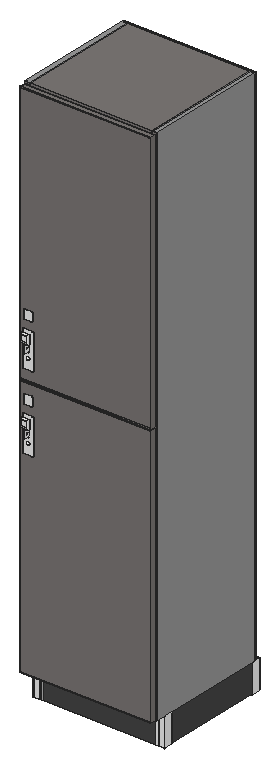
Revit family "Wood_Lockers_Hasps-Salsbury_Industries-18_42000_Series-1_Wide_Units.rfa", category Specialty Equipment, Revit 2016 (continued)
Definition of nested family "Premier Locker Doors_Hasp"
  Dimensions and locks (in)
    aligned and locked: Extrusion 15 to plane 50 "Stud Alignment"
    aligned and locked: Blend 17 to plane 39 "Front of Knob"
    aligned and locked: plane 38 "Inner Knob" to Blend 17
    aligned and locked: plane 6 "Back of Door" to Extrusion 18 sketch curve
    aligned and locked: plane 56 "Front of Latch" to Extrusion 18 sketch curve
    aligned and locked: Extrusion 18 to plane 57
    aligned and locked: plane 58 to Extrusion 18
    aligned and locked: plane 59 to cut or joined group of Extrusion 18, Extrusion 19
    aligned and locked: Extrusion 13 sketch curve to plane 61  (x2)
    aligned and locked: Extrusion 13 sketch curve to plane 62  (x2)
  Automatic sketch dimensions
    Extrusion 1 sketch curve to plane 4 "Left Side of Door" = 0.031"
    plane 5 "Right Side of Door" to Extrusion 1 sketch curve = 0.031"
    level to Extrusion 1 sketch curve = 0.031"
    plane 9 "Top of Door" to Extrusion 1 sketch curve = 0.031"
    Extrusion 2 sketch curve to plane 4 "Left Side of Door" = 0.031"
    plane 5 "Right Side of Door" to Extrusion 2 sketch curve = 0.031"
    level to Extrusion 2 sketch curve = 0.031"
    plane 9 "Top of Door" to Extrusion 2 sketch curve = 0.031"
    Extrusion 3 sketch curve to plane 4 "Left Side of Door" = 0.031"
    plane 5 "Right Side of Door" to Extrusion 3 sketch curve = 0.031"
    level to Extrusion 3 sketch curve = 0.031"
    plane 9 "Top of Door" to Extrusion 3 sketch curve = 0.031"
    plane 23 "Left Side of Door-Right Side of Trim" to Sweep 4 sketch curve = 0.000"
    plane 24 "Right Side of Door-Left Side of Trim" to Sweep 4 sketch curve = 0.000"  (x2)
    Sweep 4 sketch curve to plane 26 "Bottom of Door-Top of Trim" = 0.000"
    Sweep 4 sketch curve to plane 25 "Top of Door-Bottom of Trim" = 0.000"
    profile plane to Sweep 4 sketch curve = 0.125"
    Sweep 4 sketch curve to Sweep 4 sketch curve = 0.031"
    Sweep 4 sketch curve to plane 1 "Center (Front/Back)" = 0.375"
    plane 1 "Center (Front/Back)" to Sweep 4 sketch curve = 0.375"
    Extrusion 7 sketch curve to plane 33 = 0.000"
    Extrusion 7 sketch curve to plane 34 = 0.000"
    plane 36 to Extrusion 8 sketch curve = 0.000"
    Extrusion 8 sketch curve to Extrusion 8 sketch curve = 0.500"
    plane 35 "Top Hinge" to Extrusion 8 sketch curve = 0.250"
    Extrusion 8 sketch curve to plane 35 "Top Hinge" = 0.250"
    plane 36 to Extrusion 9 sketch curve = 0.000"
    Extrusion 9 sketch curve to Extrusion 9 sketch curve = 0.500"
    plane 37 "Bottom Hinge" to Extrusion 9 sketch curve = 0.250"
    Extrusion 9 sketch curve to plane 37 "Bottom Hinge" = 0.250"
    plane 36 to Extrusion 10 sketch curve = 0.000"
    Extrusion 10 sketch curve to Extrusion 10 sketch curve = 0.500"
    curve 4 to level = 0.000"
    plane 4 "Left Side of Door" to curve 4 = 0.000"
    plane 5 "Right Side of Door" to curve 3 = 0.000"
    curve 3 to plane 9 "Top of Door" = 0.000"
    Extrusion 5 sketch curve to plane 13 "Left Side of Number Tag" = 0.000"
    Extrusion 5 sketch curve to plane 12 "Bottom of Number Tag" = 0.000"
    Extrusion 5 sketch curve to plane 11 "Top of Number Tag" = 0.000"
    Extrusion 5 sketch curve to plane 14 "Right Side of Number Tag" = 0.000"
    Extrusion 6 sketch curve to plane 13 "Left Side of Number Tag" = 0.000"
    Extrusion 6 sketch curve to plane 12 "Bottom of Number Tag" = 0.000"
    Extrusion 6 sketch curve to plane 11 "Top of Number Tag" = 0.000"
    Extrusion 6 sketch curve to plane 14 "Right Side of Number Tag" = 0.000"
    Extrusion 11 sketch curve to plane 13 "Left Side of Number Tag" = 0.125"
    Extrusion 10 sketch curve to plane 10 "Center of Door" = 0.250"
    plane 10 "Center of Door" to Extrusion 10 sketch curve = 0.250"
    Extrusion 11 sketch curve to plane 21 "Bottom of Lock" = 0.125"
    plane 13 "Left Side of Number Tag" to Extrusion 5 sketch curve = 0.14916"
    Extrusion 5 sketch curve to Extrusion 5 sketch curve = 0.14916"  (x2)
    plane 13 "Left Side of Number Tag" to Extrusion 6 sketch curve = 0.14916"
    Extrusion 6 sketch curve to plane 12 "Bottom of Number Tag" = 0.14916"
    plane 13 "Left Side of Number Tag" to Extrusion 11 sketch curve = 0.000"  (x2)
    Extrusion 5 sketch curve to plane 12 "Bottom of Number Tag" = 0.14916"
    Extrusion 6 sketch curve to plane 14 "Right Side of Number Tag" = 0.14916"  (x2)
    plane 14 "Right Side of Number Tag" to Extrusion 11 sketch curve = 0.000"  (x2)
    Extrusion 12 sketch curve to plane 17 "Left Side of Lock" = 0.000"
    plane 13 "Left Side of Number Tag" to Extrusion 12 sketch curve = 0.000"  (x2)
    plane 14 "Right Side of Number Tag" to Extrusion 12 sketch curve = 0.000"  (x2)
    Extrusion 12 sketch curve to plane 20 "Top of Lock" = 0.000"
    Extrusion 12 sketch curve to plane 18 "Right Side of Lock" = 0.000"
    Extrusion 12 sketch curve to plane 21 "Bottom of Lock" = 0.125"
    plane 15 "Horizontal Center of Number Tag" to Sweep 14 sketch curve = 0.000"
    Sweep 14 sketch curve to plane 50 "Stud Alignment" = 0.000"
    Sweep 14 sketch curve to plane 7 "Front of Door" = 0.000"
    Sweep 14 sketch curve to profile plane = 0.000"
    profile plane to Sweep 14 sketch curve = 0.00168"
    profile plane to Sweep 14 sketch curve = 0.156"
    Sweep 14 sketch curve to plane 7 "Front of Door" = 0.03275"
    Extrusion 15 sketch curve to Extrusion 15 sketch curve = 0.000"  (x2)
    Extrusion 15 sketch curve to plane 50 "Stud Alignment" = 0.000"
    plane 15 "Horizontal Center of Number Tag" to Extrusion 15 sketch curve = 0.000"
    plane 15 "Horizontal Center of Number Tag" to Extrusion 15 sketch curve = 0.010"
    plane 13 "Left Side of Number Tag" to Sweep 16 sketch curve = 0.000"
    plane 14 "Right Side of Number Tag" to Sweep 16 sketch curve = 0.000"
    Sweep 16 sketch curve to plane 45 = 0.000"
    Sweep 16 sketch curve to plane 42 = 0.000"
    Sweep 16 sketch curve to plane 7 "Front of Door" = 0.000"
    profile plane to Sweep 16 sketch curve = 0.000"
    profile plane to Sweep 16 sketch curve = 0.22043"
    Sweep 16 sketch curve to Sweep 16 sketch curve = 0.01681"
    profile plane to Sweep 16 sketch curve = 0.33926"
    Sweep 16 sketch curve to Sweep 16 sketch curve = 0.14344"
    Sweep 16 sketch curve to Sweep 16 sketch curve = 0.15329"
    Sweep 16 sketch curve to Sweep 16 sketch curve = 0.59563"
    Sweep 16 sketch curve to Sweep 16 sketch curve = 0.24142"
    Sweep 16 sketch curve to Sweep 16 sketch curve = 0.00858"
    Sweep 16 sketch curve to Sweep 16 sketch curve = 0.51788"
    Sweep 16 sketch curve to Sweep 16 sketch curve = 0.31119"
    Sweep 16 sketch curve to Sweep 16 sketch curve = 0.11721"
    Sweep 16 sketch curve to Sweep 16 sketch curve = 0.01742"
    Sweep 16 sketch curve to Sweep 16 sketch curve = 0.06553"
    Sweep 16 sketch curve to Sweep 16 sketch curve = 0.000"
    Blend 17 sketch curve to plane 54 = 0.000"
    Blend 17 sketch curve to plane 55 = 0.000"
    Blend 17 sketch curve to plane 47 = 0.21496"
    plane 48 to Blend 17 sketch curve = 0.21496"
    plane 54 to Blend 17 sketch curve = 0.03267"
    Blend 17 sketch curve to plane 40 = 0.00461"
    Blend 17 sketch curve to plane 47 = 0.18235"
    plane 48 to Blend 17 sketch curve = 0.18227"
    Extrusion 18 sketch curve to plane 57 = 0.000"
    Extrusion 18 sketch curve to plane 58 = 0.000"
    plane 59 to Extrusion 19 sketch curve = 0.000"
    Extrusion 19 sketch curve to plane 22 "Front of Hasp Stud" = 0.16637"
    curve 29 to plane 14 "Right Side of Number Tag" = 0.000"
    curve 29 to plane 20 "Top of Lock" = 0.000"
    curve 30 to plane 18 "Right Side of Lock" = 0.000"
    curve 29 to plane 13 "Left Side of Number Tag" = 0.000"
    curve 31 to plane 42 = 0.000"
    curve 32 to plane 21 "Bottom of Lock" = 0.125"
    curve 34 to plane 14 "Right Side of Number Tag" = 0.000"
    curve 35 to plane 13 "Left Side of Number Tag" = 0.000"
    plane 15 "Horizontal Center of Number Tag" to curve 37 = 0.000"
    plane 47 to curve 37 = 0.000"
    plane 57 to curve 37 = 0.0599"
    curve 39 to plane 58 = 0.0661"
    curve 42 to plane 14 "Right Side of Number Tag" = 0.000"
    curve 41 to plane 13 "Left Side of Number Tag" = 0.000"
    curve 41 to plane 45 = 0.000"
    curve 43 to plane 42 = 0.000"
    curve 46 to plane 57 = 0.000"
    curve 46 to plane 15 "Horizontal Center of Number Tag" = 0.063"
    plane 15 "Horizontal Center of Number Tag" to curve 45 = 0.063"
    curve 47 to plane 58 = 0.000"
    curve 15 to plane 6 "Back of Door" = 0.000"
    plane 9 "Top of Door" to curve 15 = 0.000"
    plane 57 to curve 49 = 0.000"
    curve 51 to plane 56 "Front of Latch" = 0.000"
    plane 58 to curve 51 = 0.000"
    curve 17 to level = 0.000"
    plane 59 to curve 52 = 0.000"
    curve 53 to plane 22 "Front of Hasp Stud" = 0.16637"
    plane 7 "Front of Door" to curve 53 = 0.04137"
    plane 53 to curve 54 = 0.05633"
    curve 54 to plane 22 "Front of Hasp Stud" = 0.11642"
    plane 55 to curve 55 = 0.00161"
    curve 55 to plane 40 = 0.00465"
    plane 45 to curve 56 = 0.000"
    curve 56 to plane 39 "Front of Knob" = 0.01788"
    curve 56 to plane 40 = 0.08926"
    plane 55 to curve 57 = 0.000"
    curve 57 to plane 40 = 0.03757"
    plane 39 "Front of Knob" to curve 57 = 0.004"
    plane 42 to curve 60 = 0.000"
    curve 58 to plane 39 "Front of Knob" = 0.000"
    plane 54 to curve 58 = 0.000"
    plane 54 to curve 59 = 0.000"
    plane 55 to curve 58 = 0.000"
    curve 60 to plane 39 "Front of Knob" = 0.01788"
    curve 60 to plane 52 = 0.09774"
    plane 54 to curve 60 = 0.03261"
    plane 56 "Front of Latch" to curve 59 = 0.02711"
    plane 54 to curve 59 = 0.06553"
    plane 39 "Front of Knob" to curve 59 = 0.004"
    curve 61 to plane 54 = 0.00161"
    curve 61 to plane 22 "Front of Hasp Stud" = 0.11642"
    plane 6 "Back of Door" to curve 9 = 0.000"
    curve 6 to plane 4 "Left Side of Door" = 0.000"
    plane 7 "Front of Door" to curve 6 = 0.000"
    plane 7 "Front of Door" to curve 28 = 0.000"
    curve 67 to plane 14 "Right Side of Number Tag" = 0.000"
    curve 65 to plane 13 "Left Side of Number Tag" = 0.000"
    curve 66 to plane 39 "Front of Knob" = 0.000"
    curve 28 to plane 17 "Left Side of Lock" = 0.000"
    curve 28 to plane 18 "Right Side of Lock" = 0.000"
    curve 8 to plane 5 "Right Side of Door" = 0.000"
    curve 64 to plane 22 "Front of Hasp Stud" = 0.11642"
    curve 69 to plane 22 "Front of Hasp Stud" = 0.11642"
    curve 68 to plane 39 "Front of Knob" = 0.01788"
    curve 65 to plane 39 "Front of Knob" = 0.01788"
    curve 14 to plane 23 "Left Side of Door-Right Side of Trim" = 0.07537"
    plane 48 to curve 64 = 0.21657"
    plane 48 to curve 65 = 0.09774"
    plane 48 to curve 63 = 0.05633"
    curve 70 to plane 47 = 0.05633"
    curve 68 to plane 47 = 0.09774"
    curve 69 to curve 69 = 0.16024"
    curve 64 to curve 65 = 0.15655"
    curve 69 to curve 68 = 0.15655"
    plane 39 "Front of Knob" to curve 67 = 0.004"
    plane 33 to curve 14 = 0.250"
    curve 66 to curve 65 = 0.11721"
    curve 67 to plane 47 = 0.14943"
    curve 68 to curve 66 = 0.11721"
    curve 67 to curve 66 = 0.000"
    plane 39 "Front of Knob" to curve 71 = 0.004"
    curve 71 to curve 66 = 0.000"
    plane 48 to curve 71 = 0.14943"
    plane 1 "Center (Front/Back)" to curve 73 = 0.000"
    curve 73 to plane 4 "Left Side of Door" = 0.000"
    curve 73 to plane 60 = 0.000"
    plane 48 to Extrusion 13 sketch curve = 0.000"
    plane 15 "Horizontal Center of Number Tag" to Extrusion 13 sketch curve = 0.000"
    radius of Extrusion 7 sketch curve = 0.250"
    radius of Sweep 14 sketch curve = 0.010"
    radius of Extrusion 19 sketch curve = 0.250"
Definition of nested family "Wood Locker Bases"
  Parameters (values of type "Base - 18" W x 18" D Lockers")
    Width = 18.000"
    Visible Base = yes
    Visible = no
    Model = "Base - 18\" W x 18\" D Lockers"
    Manufacturer = "Salsbury Industries"
    Height = 4.000"
    Depth = 16.250"
    Base Secondary Material = none
    Base Primary Materials = none
    Base Hardware = none
  Types (8): name | Width | Visible Base | Visible | Model | Depth
    (no name) | 18.000" | yes | no | "Base - 18\" W x 18\" D Lockers" | 16.250"
    Base - 18" W x 18" D Lockers | 18.000" | yes | no | "Base - 18\" W x 18\" D Lockers" | 16.250"
    Base - 18" W x 21" D Lockers | 18.000" | yes | no | "Base - 18\" W x 21\" D Lockers" | 19.250"
    Base - 18" W x 24" D Lockers | 18.000" | yes | no | "Base - 18\" W x 24\" D Lockers" | 22.250"
    Base - 54" W x 18" D Lockers | 54.000" | yes | yes | "Base - 54\" W x 18\" D Lockers" | 16.250"
    Base - 54" W x 21" D Lockers | 54.000" | yes | yes | "Base - 54\" W x 21\" D Lockers" | 19.250"
    Base - 54" W x 24" D Lockers | 54.000" | yes | yes | "Base - 54\" W x 24\" D Lockers" | 22.250"
    None | 12.000" | no | no | "Base - 12\" W x 15\" D Lockers" | 13.250"
  Reference planes (in)
    plane 1 "Center (Front/Back)": y = 0
    plane 2: z = 0
    plane 3 "Center (Left/Right)": x = 0
    plane 4 "Left Edge": x = -9
    plane 5 "Right Edge": x = 9
    plane 6 "Back Edge": y = 8.125
    plane 7 "Front Edge": y = -8.125
    plane 8 "Bottom Edge": z = 0
    plane 9 "Top Edge": z = 4
    plane 10: x = -7.75
    plane 11: x = -7.102
    plane 12: y = 8.062
    plane 13: y = 7.3
    plane 14: x = -8.131
    plane 15: x = -8.256
    plane 16: x = -8.937
    plane 17: x = -8.175
    plane 18: y = 6.227
    plane 19: y = 6.875
    plane 20: y = 7.256
    plane 21: y = 7.381
    plane 22: x = -8.931
    plane 23: x = 8.931
    plane 24: y = 8.056
    plane 25: y = -8.056
    plane 26: y = 8.025
    plane 27: y = -8.025
    plane 28: x = -8.9
    plane 29: x = 8.9
    plane 30: x = -2.375
    plane 31: x = 2.375
  Forms (in)
    Extrusion 1, solid, material <- "Base Hardware", visible <- "Visible Base"
      sketch origin (0, 0, 0) x (1, 0, 0) y (0, 1, 0)
        loop
          arc (-8.96712, 8.125) -> (-8.99098, 8.11598) -> (-9, 8.09212) r 0.031
          line (-9, 8.09212) -> (-9, 6.9065)
          arc (-9, 6.9065) -> (-8.9685, 6.875) -> (-8.937, 6.9065) r 0.0315
          line (-8.937, 6.9065) -> (-8.937, 7.256) -> (-8.837, 7.256) -> (-8.837, 7.319) -> (-8.937, 7.319) -> (-8.937, 8.01465) -> (-8.256, 7.33365) -> (-8.256, 7.256) -> (-8.175, 7.256) -> (-8.175, 6.25833)
          arc (-8.175, 6.25833) -> (-8.14367, 6.227) -> (-8.11235, 6.25833) r 0.03133
          line (-8.11235, 6.25833) -> (-8.11235, 7.23703) -> (-7.13348, 7.23703)
          arc (-7.13348, 7.23703) -> (-7.102, 7.26852) -> (-7.13348, 7.3) r 0.03148
          line (-7.13348, 7.3) -> (-8.131, 7.3) -> (-8.131, 7.381) -> (-8.21422, 7.381) -> (-8.89522, 8.062) -> (-8.194, 8.062) -> (-8.194, 7.962) -> (-8.131, 7.962) -> (-8.131, 8.062) -> (-7.7814, 8.062)
          arc (-7.7814, 8.062) -> (-7.7499, 8.0935) -> (-7.7814, 8.125) r 0.0315
          line (-7.7814, 8.125) -> (-8.96712, 8.125)
      from 0 to 4
    Extrusion 2, solid, material <- "Base Hardware", visible <- "Visible Base"
      sketch origin (0, 0, 0) x (-1, 0, 0) y (0, -1, 0)
        loop
          line (-8.96712, -8.125) -> (-7.7814, -8.125)
          arc (-7.7814, -8.125) -> (-7.7499, -8.0935) -> (-7.7814, -8.062) r 0.0315
          line (-7.7814, -8.062) -> (-8.131, -8.062) -> (-8.131, -7.962) -> (-8.194, -7.962) -> (-8.194, -8.062) -> (-8.89522, -8.062) -> (-8.21422, -7.381) -> (-8.131, -7.381) -> (-8.131, -7.3) -> (-7.13348, -7.3)
          arc (-7.13348, -7.3) -> (-7.102, -7.26852) -> (-7.13348, -7.23703) r 0.03148
          line (-7.13348, -7.23703) -> (-8.11235, -7.23703) -> (-8.11235, -6.25833)
          arc (-8.11235, -6.25833) -> (-8.14367, -6.227) -> (-8.175, -6.25833) r 0.03133
          line (-8.175, -6.25833) -> (-8.175, -7.256) -> (-8.256, -7.256) -> (-8.256, -7.33365) -> (-8.937, -8.01465) -> (-8.937, -7.319) -> (-8.837, -7.319) -> (-8.837, -7.256) -> (-8.937, -7.256) -> (-8.937, -6.9065)
          arc (-8.937, -6.9065) -> (-8.9685, -6.875) -> (-9, -6.9065) r 0.0315
          line (-9, -6.9065) -> (-9, -8.09212)
          arc (-9, -8.09212) -> (-8.99098, -8.11598) -> (-8.96712, -8.125) r 0.031
      from 0 to 4
    Extrusion 3, solid, material <- "Base Hardware", visible <- "Visible Base"
      sketch origin (0, 0, 0) x (1, 0, 0) y (0, 1, 0)
        loop
          line (-8.96712, -8.125) -> (-7.7814, -8.125)
          arc (-7.7814, -8.125) -> (-7.7499, -8.0935) -> (-7.7814, -8.062) r 0.0315
          line (-7.7814, -8.062) -> (-8.131, -8.062) -> (-8.131, -7.962) -> (-8.194, -7.962) -> (-8.194, -8.062) -> (-8.89522, -8.062) -> (-8.21422, -7.381) -> (-8.131, -7.381) -> (-8.131, -7.3) -> (-7.13348, -7.3)
          arc (-7.13348, -7.3) -> (-7.102, -7.26852) -> (-7.13348, -7.23703) r 0.03148
          line (-7.13348, -7.23703) -> (-8.11235, -7.23703) -> (-8.11235, -6.25833)
          arc (-8.11235, -6.25833) -> (-8.14367, -6.227) -> (-8.175, -6.25833) r 0.03133
          line (-8.175, -6.25833) -> (-8.175, -7.256) -> (-8.256, -7.256) -> (-8.256, -7.33365) -> (-8.937, -8.01465) -> (-8.937, -7.319) -> (-8.837, -7.319) -> (-8.837, -7.256) -> (-8.937, -7.256) -> (-8.937, -6.9065)
          arc (-8.937, -6.9065) -> (-8.9685, -6.875) -> (-9, -6.9065) r 0.0315
          line (-9, -6.9065) -> (-9, -8.09212)
          arc (-9, -8.09212) -> (-8.99098, -8.11598) -> (-8.96712, -8.125) r 0.031
      from 0 to 4
    Extrusion 4, solid, material <- "Base Hardware", visible <- "Visible Base"
      sketch origin (0, 0, 0) x (-1, 0, 0) y (0, -1, 0)
        loop
          arc (-8.96712, 8.125) -> (-8.99098, 8.11598) -> (-9, 8.09212) r 0.031
          line (-9, 8.09212) -> (-9, 6.9065)
          arc (-9, 6.9065) -> (-8.9685, 6.875) -> (-8.937, 6.9065) r 0.0315
          line (-8.937, 6.9065) -> (-8.937, 7.256) -> (-8.837, 7.256) -> (-8.837, 7.319) -> (-8.937, 7.319) -> (-8.937, 8.01465) -> (-8.256, 7.33365) -> (-8.256, 7.256) -> (-8.175, 7.256) -> (-8.175, 6.25833)
          arc (-8.175, 6.25833) -> (-8.14367, 6.227) -> (-8.11235, 6.25833) r 0.03133
          line (-8.11235, 6.25833) -> (-8.11235, 7.23703) -> (-7.13348, 7.23703)
          arc (-7.13348, 7.23703) -> (-7.102, 7.26852) -> (-7.13348, 7.3) r 0.03148
          line (-7.13348, 7.3) -> (-8.131, 7.3) -> (-8.131, 7.381) -> (-8.21422, 7.381) -> (-8.89522, 8.062) -> (-8.194, 8.062) -> (-8.194, 7.962) -> (-8.131, 7.962) -> (-8.131, 8.062) -> (-7.7814, 8.062)
          arc (-7.7814, 8.062) -> (-7.7499, 8.0935) -> (-7.7814, 8.125) r 0.0315
          line (-7.7814, 8.125) -> (-8.96712, 8.125)
      from 0 to 4
    Extrusion 5, solid, material <- "Base Secondary Material", visible <- "Visible Base"
      sketch origin (0, 0, 0) x (0, -1, 0) y (1, 0, 0)
        loop
          line (-7.256, 8.9) -> (-7.256, 8.181) -> (7.25697, 8.181) -> (7.25697, 8.9) -> (-7.256, 8.9)
      from 0 to 4
    Extrusion 6, solid, material <- "Base Secondary Material", visible <- "Visible Base"
      sketch origin (0, 0, 0) x (0, -1, 0) y (1, 0, 0)
        loop
          line (-7.256, -8.9) -> (7.25697, -8.9) -> (7.25697, -8.181) -> (-7.256, -8.181) -> (-7.256, -8.9)
      from 0 to 4
    Extrusion 7, solid, material <- "Base Secondary Material", visible <- "Visible Base"
      sketch origin (-2.05521, 0.625, 0) x (1, 0, 0) y (0, 1, 0)
        loop
          line (-6.07579, 7.4) -> (-6.07579, 6.681) -> (10.18621, 6.681) -> (10.18621, 7.4) -> (-6.07579, 7.4)
      from 0 to 4
    Extrusion 8, solid, material <- "Base Secondary Material", visible <- "Visible Base"
      sketch origin (-2.05521, -0.625, 0) x (1, 0, 0) y (0, 1, 0)
        loop
          line (-6.07579, -7.4) -> (10.18621, -7.4) -> (10.18621, -6.681) -> (-6.07579, -6.681) -> (-6.07579, -7.4)
      from 0 to 4
    Extrusion 9, solid, material <- "Base Primary Materials", visible <- "Visible Base"
      sketch origin (0.76452, 0, 0) x (0, -1, 0) y (1, 0, 0)
        loop
          line (-7.256, 8.16648) -> (-7.256, 8.13548) -> (7.25697, 8.13548) -> (7.25697, 8.16648) -> (-7.256, 8.16648)
      from 0 to 4
    Extrusion 10, solid, material <- "Base Primary Materials", visible <- "Visible Base"
      sketch origin (-0.719, 0, 0) x (0, -1, 0) y (1, 0, 0)
        loop
          line (-7.256, -8.212) -> (7.25697, -8.212) -> (7.25697, -8.181) -> (-7.256, -8.181) -> (-7.256, -8.212)
      from 0 to 4
    Extrusion 11, solid, material <- "Base Primary Materials", visible <- "Visible Base"
      sketch origin (-2.05521, 1.344, 0) x (1, 0, 0) y (0, 1, 0)
        loop
          line (-6.07579, 6.718) -> (-6.07579, 6.681) -> (10.18621, 6.681) -> (10.18621, 6.718) -> (-6.07579, 6.718)
      from 0 to 4
    Extrusion 12, solid, material <- "Base Primary Materials", visible <- "Visible Base"
      sketch origin (-2.05521, -1.344, 0) x (1, 0, 0) y (0, 1, 0)
        loop
          line (-6.07579, -6.712) -> (10.18621, -6.712) -> (10.18621, -6.681) -> (-6.07579, -6.681) -> (-6.07579, -6.712)
      from 0 to 4
    Extrusion 13, solid, material <- "Base Secondary Material", visible <- "Visible"
      sketch origin (0, 0, 4) x (0, -1, 0) y (1, 0, 0)
        loop
          line (-7.306, -2.375) -> (7.306, -2.375) -> (7.306, 2.375) -> (-7.306, 2.375) -> (-7.306, -2.375)
      from 0 to -0.75
    Extrusion 14, solid, material <- "Base Secondary Material", visible <- "Visible"
      sketch origin (0, 0, 0) x (0, -1, 0) y (1, 0, 0)
        loop
          line (-7.306, -2.375) -> (-6.556, -2.375) -> (-6.556, 2.375) -> (-7.306, 2.375) -> (-7.306, -2.375)
      from 0 to 3.25
    Extrusion 15, solid, material <- "Base Secondary Material", visible <- "Visible"
      sketch origin (0, 0, 0) x (0, 1, 0) y (-1, 0, 0)
        loop
          line (-7.306, 2.375) -> (-7.306, -2.375) -> (-6.556, -2.375) -> (-6.556, 2.375) -> (-7.306, 2.375)
      from 0 to 3.25
  Dimensions and locks (in)
    equal spacing: plane 4 "Left Edge", plane 3 "Center (Left/Right)", plane 5 "Right Edge"
    "Width": plane 4 "Left Edge" to plane 5 "Right Edge"
    equal spacing: plane 7 "Front Edge", plane 1 "Center (Front/Back)", plane 6 "Back Edge"
    "Depth": plane 7 "Front Edge" to plane 6 "Back Edge"
    "Height": plane 9 "Top Edge" to plane 8 "Bottom Edge"
    locked: plane 4 "Left Edge" to plane 10 at 1.25
    locked: plane 4 "Left Edge" to plane 11 at 1.898
    locked: plane 12 to plane 6 "Back Edge" at 0.063
    plane 14 to plane 10 = 0.381"
    locked: plane 12 to plane 13 at 0.762
    locked: plane 4 "Left Edge" to plane 16 at 0.063
    locked: plane 16 to plane 17 at 0.762
    locked: plane 19 to plane 6 "Back Edge" at 1.25
    locked: plane 18 to plane 6 "Back Edge" at 1.898
    plane 15 to plane 17 = 0.081"
    plane 21 to plane 13 = 0.081"
    plane 19 to plane 20 = 0.381"
    plane 24 to plane 6 "Back Edge" = 0.069"
    plane 7 "Front Edge" to plane 25 = 0.069"
    plane 23 to plane 5 "Right Edge" = 0.069"
    plane 4 "Left Edge" to plane 22 = 0.069"
    plane 26 to plane 24 = 0.031"
    plane 25 to plane 27 = 0.031"
    plane 22 to plane 28 = 0.031"
    plane 29 to plane 23 = 0.031"
    plane 30 to plane 3 "Center (Left/Right)" to plane 31 = 2.375" locked, 2.375" locked
    aligned and locked: level to plane 2
    aligned and locked: plane 30 to Extrusion 13
    aligned and locked: plane 30 to Extrusion 14
    aligned and locked: plane 30 to Extrusion 15
    aligned and locked: Extrusion 13 to plane 31
    aligned and locked: Extrusion 14 to plane 31
    aligned and locked: Extrusion 15 to plane 31
  Automatic sketch dimensions
    Extrusion 1 sketch curve to plane 4 "Left Edge" = 0.000"
    plane 6 "Back Edge" to Extrusion 1 sketch curve = 0.000"
    Extrusion 1 sketch curve to plane 16 = 0.000"  (x2)
    Extrusion 1 sketch curve to plane 12 = 0.000"  (x2)
    plane 20 to Extrusion 1 sketch curve = 0.000"  (x2)
    Extrusion 1 sketch curve to plane 15 = 0.000"
    plane 21 to Extrusion 1 sketch curve = 0.000"
    Extrusion 1 sketch curve to plane 17 = 0.000"
    Extrusion 1 sketch curve to plane 14 = 0.000"  (x2)
    Extrusion 1 sketch curve to plane 13 = 0.000"
    Extrusion 1 sketch curve to plane 4 "Left Edge" = 0.03094"
    plane 16 to Extrusion 1 sketch curve = 0.03012"
    Extrusion 1 sketch curve to plane 28 = 0.00478"
    Extrusion 1 sketch curve to plane 28 = 0.063"
    plane 17 to Extrusion 1 sketch curve = 0.03922"
    plane 17 to Extrusion 1 sketch curve = 0.019"
    plane 14 to Extrusion 1 sketch curve = 0.01267"
    plane 10 to Extrusion 1 sketch curve = 0.0314"
    plane 11 to Extrusion 1 sketch curve = 0.03148"
    plane 20 to Extrusion 1 sketch curve = 0.01897"
    Extrusion 1 sketch curve to plane 19 = 0.0315"
    Extrusion 1 sketch curve to plane 18 = 0.03133"
    plane 13 to Extrusion 1 sketch curve = 0.019"
    plane 13 to Extrusion 1 sketch curve = 0.03365"
    plane 26 to Extrusion 1 sketch curve = 0.063"
    plane 26 to Extrusion 1 sketch curve = 0.01035"
    plane 12 to Extrusion 1 sketch curve = 0.03012"
    Extrusion 2 sketch curve to plane 5 "Right Edge" = 0.000"
    plane 6 "Back Edge" to Extrusion 2 sketch curve = 0.000"
    plane 20 to Extrusion 2 sketch curve = 0.000"  (x2)
    plane 12 to Extrusion 2 sketch curve = 0.000"  (x2)
    plane 21 to Extrusion 2 sketch curve = 0.000"
    plane 13 to Extrusion 2 sketch curve = 0.000"
    Extrusion 2 sketch curve to plane 5 "Right Edge" = 0.03094"
    Extrusion 2 sketch curve to Extrusion 2 sketch curve = 0.0315"
    Extrusion 2 sketch curve to Extrusion 2 sketch curve = 0.00194"
    plane 23 to Extrusion 2 sketch curve = 0.006"
    Extrusion 2 sketch curve to plane 29 = 0.00478"
    Extrusion 2 sketch curve to plane 29 = 0.063"
    Extrusion 2 sketch curve to plane 13 = 0.03365"
    Extrusion 2 sketch curve to Extrusion 2 sketch curve = 0.581"
    Extrusion 2 sketch curve to Extrusion 2 sketch curve = 0.04178"
    Extrusion 2 sketch curve to plane 26 = 0.063"
    Extrusion 2 sketch curve to Extrusion 2 sketch curve = 0.02022"
    plane 18 to Extrusion 2 sketch curve = 0.03133"
    Extrusion 2 sketch curve to plane 29 = 0.725"
    Extrusion 2 sketch curve to Extrusion 2 sketch curve = 0.03133"
    Extrusion 2 sketch curve to Extrusion 2 sketch curve = 0.063"
    Extrusion 2 sketch curve to Extrusion 2 sketch curve = 0.08322"
    Extrusion 2 sketch curve to Extrusion 2 sketch curve = 0.3496"
    Extrusion 2 sketch curve to Extrusion 2 sketch curve = 0.97886"
    plane 19 to Extrusion 2 sketch curve = 0.0315"
    Extrusion 2 sketch curve to plane 20 = 0.01897"
    Extrusion 2 sketch curve to plane 13 = 0.019"
    Extrusion 2 sketch curve to plane 26 = 0.01035"
    Extrusion 2 sketch curve to plane 12 = 0.03012"
    Extrusion 3 sketch curve to plane 4 "Left Edge" = 0.000"
    plane 7 "Front Edge" to Extrusion 3 sketch curve = 0.000"
    Extrusion 3 sketch curve to plane 16 = 0.000"  (x2)
    Extrusion 3 sketch curve to plane 15 = 0.000"
    Extrusion 3 sketch curve to plane 17 = 0.000"
    Extrusion 3 sketch curve to plane 14 = 0.000"  (x2)
    plane 4 "Left Edge" to Extrusion 3 sketch curve = 0.03094"
    Extrusion 3 sketch curve to plane 16 = 0.03012"
    plane 28 to Extrusion 3 sketch curve = 0.00478"
    plane 28 to Extrusion 3 sketch curve = 0.063"
    Extrusion 3 sketch curve to plane 17 = 0.03922"
    Extrusion 3 sketch curve to plane 17 = 0.019"
    Extrusion 3 sketch curve to plane 14 = 0.01267"
    Extrusion 3 sketch curve to plane 25 = 0.006"  (x2)
    Extrusion 3 sketch curve to plane 10 = 0.0314"
    Extrusion 3 sketch curve to plane 11 = 0.03148"
    plane 27 to Extrusion 3 sketch curve = 0.01035"
    plane 27 to Extrusion 3 sketch curve = 0.063"
    Extrusion 3 sketch curve to Extrusion 3 sketch curve = 0.581"
    Extrusion 3 sketch curve to Extrusion 3 sketch curve = 0.04735"
    Extrusion 3 sketch curve to Extrusion 3 sketch curve = 0.01465"
    Extrusion 3 sketch curve to Extrusion 3 sketch curve = 0.081"
    Extrusion 3 sketch curve to Extrusion 3 sketch curve = 0.03148"
    Extrusion 3 sketch curve to Extrusion 3 sketch curve = 0.044"
    Extrusion 3 sketch curve to Extrusion 3 sketch curve = 0.063"
    Extrusion 3 sketch curve to Extrusion 3 sketch curve = 0.3495"
    Extrusion 3 sketch curve to Extrusion 3 sketch curve = 0.97871"
    plane 7 "Front Edge" to Extrusion 3 sketch curve = 0.03288"
    Extrusion 4 sketch curve to plane 5 "Right Edge" = 0.000"
    plane 7 "Front Edge" to Extrusion 4 sketch curve = 0.000"
    plane 5 "Right Edge" to Extrusion 4 sketch curve = 0.03094"
    Extrusion 4 sketch curve to Extrusion 4 sketch curve = 0.0315"
    Extrusion 4 sketch curve to Extrusion 4 sketch curve = 0.00194"
    Extrusion 4 sketch curve to plane 23 = 0.006"
    plane 29 to Extrusion 4 sketch curve = 0.00478"
    plane 29 to Extrusion 4 sketch curve = 0.063"
    Extrusion 4 sketch curve to Extrusion 4 sketch curve = 0.581"
    Extrusion 4 sketch curve to Extrusion 4 sketch curve = 0.04178"
    Extrusion 4 sketch curve to plane 27 = 0.063"
    Extrusion 4 sketch curve to Extrusion 4 sketch curve = 0.02022"
    plane 29 to Extrusion 4 sketch curve = 0.725"
    Extrusion 4 sketch curve to Extrusion 4 sketch curve = 0.03133"
    Extrusion 4 sketch curve to Extrusion 4 sketch curve = 0.063"  (x2)
    Extrusion 4 sketch curve to Extrusion 4 sketch curve = 0.08322"
    plane 25 to Extrusion 4 sketch curve = 0.006"  (x2)
    Extrusion 4 sketch curve to Extrusion 4 sketch curve = 0.3496"
    Extrusion 4 sketch curve to plane 27 = 0.725"
    Extrusion 4 sketch curve to Extrusion 4 sketch curve = 0.97886"
    Extrusion 4 sketch curve to Extrusion 4 sketch curve = 0.03148"
    Extrusion 4 sketch curve to Extrusion 4 sketch curve = 0.044"
    Extrusion 4 sketch curve to Extrusion 4 sketch curve = 0.000"
    Extrusion 4 sketch curve to Extrusion 4 sketch curve = 0.3495"
    Extrusion 4 sketch curve to Extrusion 4 sketch curve = 0.97871"
    Extrusion 4 sketch curve to Extrusion 4 sketch curve = 0.07765"
    Extrusion 4 sketch curve to Extrusion 4 sketch curve = 0.081"
    Extrusion 4 sketch curve to plane 27 = 0.01035"
    Extrusion 4 sketch curve to plane 7 "Front Edge" = 0.03288"
    plane 20 to Extrusion 5 sketch curve = 0.000"
    Extrusion 5 sketch curve to plane 29 = 0.000"
    Extrusion 5 sketch curve to plane 27 = 0.76803"
    plane 29 to Extrusion 5 sketch curve = 0.719"
    plane 20 to Extrusion 6 sketch curve = 0.000"
    Extrusion 6 sketch curve to plane 28 = 0.000"
    plane 27 to Extrusion 6 sketch curve = 0.76803"
    Extrusion 6 sketch curve to plane 17 = 0.006"
    Extrusion 7 sketch curve to plane 14 = 0.000"
    plane 26 to Extrusion 7 sketch curve = 0.000"
    plane 29 to Extrusion 7 sketch curve = 0.769"
    plane 13 to Extrusion 7 sketch curve = 0.006"
    Extrusion 8 sketch curve to plane 14 = 0.000"
    plane 27 to Extrusion 8 sketch curve = 0.000"
    Extrusion 8 sketch curve to plane 29 = 0.769"
    plane 27 to Extrusion 8 sketch curve = 0.719"
    plane 20 to Extrusion 9 sketch curve = 0.000"
    Extrusion 9 sketch curve to plane 23 = 0.000"
    Extrusion 9 sketch curve to plane 29 = 0.000"
    Extrusion 9 sketch curve to plane 27 = 0.76803"
    plane 20 to Extrusion 10 sketch curve = 0.000"
    Extrusion 10 sketch curve to plane 22 = 0.000"
    Extrusion 10 sketch curve to plane 28 = 0.000"
    plane 27 to Extrusion 10 sketch curve = 0.76803"
    Extrusion 11 sketch curve to plane 14 = 0.000"
    plane 12 to Extrusion 11 sketch curve = 0.000"
    plane 26 to Extrusion 11 sketch curve = 0.000"
    plane 29 to Extrusion 11 sketch curve = 0.769"
    Extrusion 12 sketch curve to plane 14 = 0.000"
    plane 25 to Extrusion 12 sketch curve = 0.000"
    plane 27 to Extrusion 12 sketch curve = 0.000"
    Extrusion 12 sketch curve to plane 29 = 0.769"
    plane 13 to Extrusion 13 sketch curve = 0.006"
    Extrusion 13 sketch curve to plane 27 = 0.719"
    Extrusion 13 sketch curve to plane 11 = 4.727"
    plane 3 "Center (Left/Right)" to Extrusion 13 sketch curve = 2.375"
    plane 13 to Extrusion 14 sketch curve = 0.006"
    plane 19 to Extrusion 14 sketch curve = 0.319"
    Extrusion 14 sketch curve to plane 11 = 4.727"
    plane 3 "Center (Left/Right)" to Extrusion 14 sketch curve = 2.375"
    plane 27 to Extrusion 15 sketch curve = 0.719"
    Extrusion 15 sketch curve to Extrusion 15 sketch curve = 0.750"
    plane 11 to Extrusion 15 sketch curve = 4.727"
    Extrusion 15 sketch curve to plane 3 "Center (Left/Right)" = 2.375"
Definition of nested family "Wood Locker Sloping Hoods"
  Parameters (values of type "44257 - for 24" Deep Lockers (3 Wide)")
    Width = 45.000"
    Visible = yes
    Version = "1.0 (12/15/23)"
    Type Comments = "Sloping Hood for Premier Wod Lockers"
    Model = "44257"
    Manufacturer = "Salsbury Industries"
    Laminate Surface = none
    Height = 9.118"
    Description = "For 24\" D - 3 Wide Lockers"
    Depth = 23.625"
  Types (20): name | Width | Visible | Version | Type Comments | Model | Manufacturer | Height | Description | Depth
    (no name) | 45.000" | yes | "1.0 (12/15/23)" | "Sloping Hood for Premier Wod Lockers" | "44257" | "Salsbury Industries" | 9.118" | "For 24\" D - 3 Wide Lockers" | 23.625"
    44357 - for 15" Deep Lockers (1 Wide) | 12.000" | yes | "1.0 (12/15/23)" | "Sloping Hood for Premier Wood Lockers" | "44357" | "Salsbury Industries" | 5.743" | "For 15\" D - 1 Wide Lockers" | 14.625"
    44353 - for 18" Deep Lockers (1 Wide) | 12.000" | yes | "1.0 (12/15/23)" | "Sloping Hood for Premier Wood Lockers" | "44353" | "Salsbury Industries" | 6.868" | "For 18\" D - 1 Wide Lockers" | 17.625"
    44352 - for 21" Deep Lockers (1 Wide) | 12.000" | yes | "1.0 (12/15/23)" | "Sloping Hood for Premier Wood Lockers" | "44352" | "Salsbury Industries" | 7.993" | "For 21\" D - 1 Wide Lockers" | 20.625"
    44359 - for 15" Deep Lockers (3 Wide) | 36.000" | yes | "1.0 (12/15/23)" | "Sloping Hood for Premier Wood Lockers" | "44359" | "Salsbury Industries" | 5.743" | "For 15\" D - 3 Wide Lockers" | 14.625"
    44356 - for 18" Deep Lockers (3 Wide) | 36.000" | yes | "1.0 (12/15/23)" | "Sloping Hood for Premier Wood Lockers" | "44356" | "Salsbury Industries" | 6.868" | "For 18\" D - 3 Wide Lockers" | 17.625"
    44354 - for 21" Deep Lockers (3 Wide) | 36.000" | yes | "1.0 (12/15/23)" | "Sloping Hood for Premier Wood Lockers" | "44354" | "Salsbury Industries" | 7.993" | "For 21\" D - 3 Wide Lockers" | 20.625"
    44255 - for 24" Deep Lockers (1 Wide) | 15.000" | yes | "1.0 (12/15/23)" | "Sloping Hood for Premier Wood Lockers" | "44255" | "Salsbury Industries" | 9.118" | "For 24\" D - 1 Wood Lockers" | 23.625"
    44257 - for 24" Deep Lockers (3 Wide) | 45.000" | yes | "1.0 (12/15/23)" | "Sloping Hood for Premier Wod Lockers" | "44257" | "Salsbury Industries" | 9.118" | "For 24\" D - 3 Wide Lockers" | 23.625"
    44252 - for 21" Deep Lockers (1 Wide) | 15.000" | yes | "1.0 (12/15/23)" | "Sloping Hood for 15\" Wide Premier Wood Lockers" | "44252" | "Salsbury Industries" | 7.993" | "For 21\" D - 1 Wide Lockers" | 20.625"
    44254 - for 21" Deep Lockers (3 Wide) | 45.000" | yes | "1.0 (12/15/23)" | "Sloping Hood for 15\" Wide Premier Wood Lockers" | "44254" | "Salsbury Industries" | 7.993" | "For 21\" D - 3 Wide Lockers" | 20.625"
    44251 - for 18" Deep Lockers (1 Wide) | 15.000" | yes | "1.0 (12/15/23)" | "Sloping Hood for 15\"Wide Premier Wood Lockers" | "44251" | "Salsbury Industries" | 6.868" | "For 18\" D - 1 Wide Lockers" | 17.625"
    44253 - for 18" Deep Lockers (3 Wide) | 45.000" | yes | "1.0 (12/15/23)" | "Sloping Hood for 15\" Wide Premier Wood Lockers" | "44253" | "Salsbury Industries" | 6.868" | "For 18\" D - 3 Wide Lockers" | 17.625"
    None | 12.000" | no | "" | "" | "" | "" | 5.743" | "" | 14.625"
    44818 - for 18" Deep Lockers (1 Wide) | 18.000" | yes | "1.0 (12/15/23)" | "Sloping Hood for Premier Wood Lockers" | "44818" | "Salsbury Industries" | 6.868" | "For 18\" D - 1 Wide Lockers" | 17.625"
    44811 - for 21" Deep Lockers (1 Wide) | 18.000" | yes | "1.0 (12/15/23)" | "Sloping Hood for Premier Wood Lockers" | "44811" | "Salsbury Industries" | 7.993" | "For 21\" D - 1 Wide Lockers" | 20.625"
    44814 - for 24" Deep Lockers (1 Wide) | 18.000" | yes | "1.0 (12/15/23)" | "Sloping Hood for Premier Wood Lockers" | "44814" | "Salsbury Industries" | 9.118" | "For 24\" D - 1 Wide Lockers" | 23.625"
    44838 - for 18" Deep Lockers (3 Wide) | 54.000" | yes | "1.0 (12/15/23)" | "Sloping Hood for Premier Wood Lockers" | "44838" | "Salsbury Industries" | 6.868" | "For 18\" D - 3 Wide Lockers" | 17.625"
    44831 - for 21" Deep Lockers (3 Wide) | 54.000" | yes | "1.0 (12/15/23)" | "Sloping Hood for Premier Wood Lockers" | "44831" | "Salsbury Industries" | 7.993" | "For 21\" D - 3 Wide Lockers" | 20.625"
    44834 - for 24" Deep Lockers (3 Wide) | 54.000" | yes | "1.0 (12/15/23)" | "Sloping Hood for Premier Wood Lockers" | "834" | "Salsbury Industries" | 9.118" | "For 24\" D - 3 Wide Lockers" | 23.625"
  Reference planes (in)
    plane 1 "Center (Front/Back)": y = 0
    plane 2: z = 0
    plane 3 "Center (Left/Right)": x = 0
    plane 4 "Front of Hood": y = -11.8125
    plane 5 "Back of Hood": y = 11.8125
    plane 6 "Right Side of Hood": x = 22.5
    plane 7 "Left Side of Hood": x = -22.5
    plane 8 "Bottom of Hood": z = 0
    plane 9 "Top of Hood": z = 9.118
    plane 10: x = 21.75
    plane 11: x = -21.75
    plane 12: y = -11.7815
    plane 13: y = -11.0625
    plane 14: z = 9.087
    plane 15: z = 8.368
    plane 16: z = 0.062
    plane 17: z = 0.75
  Forms (in)
    Extrusion 1, solid, visible <- "Visible"
      sketch origin (22.5, 0.37227, 0) x (0, -1, 0) y (0, 0, 1)
        loop
          line (-0.26039, 4.07368) -> (-0.26039, 0) -> (0.37227, 0) -> (0.37227, 3.83066) -> (-0.26039, 4.07368)
      from 0 to 45
    Extrusion 2, solid, visible <- "Visible"
      sketch origin (0, 0, 0) x (0, 1, 0) y (0, 0, 1)
        loop
          line (-9.97273, 0) -> (11.8125, 8.368) -> (11.8125, 9.087) -> (-11.73269, 0.062) -> (-11.7815, 0.062) -> (-11.7815, 0) -> (-9.97273, 0)
      from -22.5 to 22.5
    Extrusion 3, solid, material <- "Laminate Surface", visible <- "Visible"
      sketch origin (0, 0, 0) x (0, 1, 0) y (0, 0, 1)
        loop
          line (-11.8125, 0.062) -> (-11.8125, 0) -> (-11.7815, 0) -> (-11.7815, 0.062) -> (-11.8125, 0.062)
      from -22.5 to 22.5
    Extrusion 4, solid, material <- "Laminate Surface", visible <- "Visible"
      sketch origin (0, 0, 0) x (0, 1, 0) y (0, 0, 1)
        loop
          line (11.8125, 9.118) -> (-11.8125, 0.062) -> (-11.73269, 0.062) -> (11.8125, 9.087) -> (11.8125, 9.118)
      from -22.5 to 22.5
  Dimensions and locks (in)
    equal spacing: plane 7 "Left Side of Hood", plane 3 "Center (Left/Right)", plane 6 "Right Side of Hood"
    "Width": plane 7 "Left Side of Hood" to plane 6 "Right Side of Hood"
    equal spacing: plane 4 "Front of Hood", plane 1 "Center (Front/Back)", plane 5 "Back of Hood"
    "Depth": plane 4 "Front of Hood" to plane 5 "Back of Hood"
    "Height": plane 9 "Top of Hood" to plane 8 "Bottom of Hood"
    plane 7 "Left Side of Hood" to plane 11 = 0.750"
    plane 10 to plane 6 "Right Side of Hood" = 0.750"
    plane 4 "Front of Hood" to plane 12 to plane 13 = 0.031" locked, 0.719" locked
    plane 15 to plane 14 to plane 9 "Top of Hood" = 0.719" locked, 0.031" locked
    locked: plane 16 to plane 8 "Bottom of Hood" at 0.062
    locked: plane 17 to plane 8 "Bottom of Hood" at 0.75
    aligned and locked: level to plane 2
    aligned and locked: Extrusion 2 to plane 6 "Right Side of Hood"
    aligned and locked: plane 7 "Left Side of Hood" to Extrusion 2
    aligned and locked: plane 7 "Left Side of Hood" to Extrusion 4
    aligned and locked: Extrusion 4 to plane 6 "Right Side of Hood"
    aligned and locked: Extrusion 3 to plane 6 "Right Side of Hood"
    aligned and locked: plane 7 "Left Side of Hood" to Extrusion 3
    aligned and locked: Extrusion 2 to Extrusion 1 sketch curve
    aligned and locked: plane 7 "Left Side of Hood" to Extrusion 1
    aligned and locked: Extrusion 1 to plane 6 "Right Side of Hood"
  Automatic sketch dimensions
    Extrusion 3 sketch curve to level = 0.000"
    Extrusion 3 sketch curve to plane 4 "Front of Hood" = 0.000"
    Extrusion 3 sketch curve to plane 12 = 0.000"
    plane 16 to Extrusion 3 sketch curve = 0.000"
    Extrusion 4 sketch curve to plane 4 "Front of Hood" = 0.000"
    plane 16 to Extrusion 4 sketch curve = 0.000"
    Extrusion 4 sketch curve to plane 5 "Back of Hood" = 0.000"
    plane 14 to Extrusion 4 sketch curve = 0.000"
    plane 9 "Top of Hood" to Extrusion 4 sketch curve = 0.000"
    Extrusion 4 sketch curve to plane 12 = 0.04881"
    Extrusion 2 sketch curve to level = 0.000"
    Extrusion 2 sketch curve to plane 12 = 0.000"
    plane 16 to Extrusion 2 sketch curve = 0.000"
    Extrusion 2 sketch curve to plane 5 "Back of Hood" = 0.000"
    plane 15 to Extrusion 2 sketch curve = 0.000"
    plane 14 to Extrusion 2 sketch curve = 0.000"
    Extrusion 2 sketch curve to plane 13 = 1.08977"
    Extrusion 2 sketch curve to plane 12 = 0.04881"
    Extrusion 1 sketch curve to level = 0.000"
    Extrusion 1 sketch curve to plane 1 "Center (Front/Back)" = 0.000"
    Extrusion 1 sketch curve to Extrusion 1 sketch curve = 0.24302"
Definition of nested family "Wood Locker Sloping Corner Fillers"
  Parameters (values of type "44479 - for 24" D Lockers")
    Width = 25.875"
    Visible = yes
    Version = "1.0 (12/15/23)"
    Type Comments = "Sloping Hood Corner Filler for Premier Wood Lockers"
    Model = "44489"
    Manufacturer = "Salsbury Industries"
    Laminate Surface = none
    Height = 9.118"
    Description = "For 24\" D Lockers"
    Depth = 25.875"
  Types (6): name | Width | Visible | Version | Type Comments | Model | Manufacturer | Height | Description | Depth
    (no name) | 25.875" | yes | "1.0 (12/15/23)" | "Sloping Hood Corner Filler for Premier Wood Lockers" | "44489" | "Salsbury Industries" | 9.118" | "For 24\" D Lockers" | 25.875"
    44477 - for 15" D Lockers | 16.875" | yes | "1.0 (12/15/23)" | "Sloping Hood Corner Filler for Premier Wood Lockers" | "44487" | "Salsbury Industries" | 5.743" | "For 15\" D Lockers" | 16.875"
    44478 - for 18" D Lockers | 19.875" | yes | "1.0 (12/15/23)" | "Sloping Hood Corner Filler for Premier Wood Lockers" | "44488" | "Salsbury Industries" | 6.868" | "For 18\" D Lockers" | 19.875"
    44471 - for 21" D Lockers | 22.875" | yes | "1.0 (12/15/23)" | "Sloping Hood Corner Filler for Premier Wood Lockers" | "44481" | "Salsbury Industries" | 7.993" | "For 21\" D Lockers" | 22.875"
    44479 - for 24" D Lockers | 25.875" | yes | "1.0 (12/15/23)" | "Sloping Hood Corner Filler for Premier Wood Lockers" | "44489" | "Salsbury Industries" | 9.118" | "For 24\" D Lockers" | 25.875"
    None | 16.875" | no | "" | "" | "" | "" | 5.743" | "" | 16.875"
  Reference planes (in)
    plane 1 "Center (Front/Back)": y = -0.8125
    plane 2: z = 0
    plane 3 "Center (Left/Right)": x = 0.8125
    plane 4 "Front of Hood": y = -11.5
    plane 5 "Right Side of Hood": x = 11.5
    plane 6 "Bottom of Hood": z = 0
    plane 7 "Black Trim Line": y = -11.469
    plane 8: z = 0.062
    plane 9: z = 0.75
    plane 10 "New Back of Hood": y = 12.125
    plane 11 "New Front of Hood": y = -13.75
    plane 12 "New Left Side": x = -12.125
    plane 13 "New Right Side": x = 13.75
    plane 14 "Top": z = 9.118
    plane 15: x = 11.469
  Forms (in)
    Extrusion 1, solid, visible <- "Visible"
      sketch origin (0.8125, 0, 0) x (0, 1, 0) y (0, 0, 1)
        loop
          line (-9.66023, 0) -> (12.125, 8.36937) -> (12.125, 9.087) -> (-11.42019, 0.062) -> (-11.469, 0.062) -> (-11.469, 0) -> (-9.66023, 0)
      from -12.9375 to 12.9375
    Extrusion 2, solid, material <- "Laminate Surface", visible <- "Visible"
      sketch origin (0.8125, 0, 0.00023) x (0, 1, 0) y (0, 0, 1)
        loop
          line (12.125, 9.11777) -> (-11.5, 0.06177) -> (-11.42019, 0.06177) -> (12.125, 9.08677) -> (12.125, 9.11777)
      from -12.9375 to 12.9375
    Extrusion 3, void
      sketch origin (0, 0, 0) x (0, -1, 0) y (1, 0, 0)
        loop
          line (11.5, 11.5) -> (-12.125, -12.125) -> (11.5, -12.125) -> (11.5, 11.5)
      from 0 to 9.118
    Extrusion 4, solid, material <- "Laminate Surface", visible <- "Visible"
      sketch origin (13.75, 0, 0) x (0, -1, 0) y (0, 0, 1)
        loop
          line (11.5, 0) -> (11.5, 0.062) -> (11.469, 0.062) -> (11.469, 0) -> (11.5, 0)
      from 0 to 2.25
    Extrusion 5, solid, visible <- "Visible"
      sketch origin (-1.125, -0.8125, 0) x (1, 0, 0) y (0, 0, 1)
        loop
          line (10.78523, 0) -> (12.594, 0) -> (12.594, 0.062) -> (12.54519, 0.062) -> (-11, 9.087) -> (-11, 8.36937) -> (10.78523, 0)
      from -12.9375 to 12.9375
    Extrusion 6, solid, material <- "Laminate Surface", visible <- "Visible"
      sketch origin (-1.125, -0.8125, 0) x (1, 0, 0) y (0, 0, 1)
        loop
          line (-11, 9.118) -> (-11, 9.087) -> (12.54519, 0.062) -> (12.625, 0.062) -> (-11, 9.118)
      from -12.9375 to 12.9375
    Extrusion 7, solid, material <- "Laminate Surface", visible <- "Visible"
      sketch origin (0, -11.5, 0) x (1, 0, 0) y (0, 0, 1)
        loop
          line (11.5, 0) -> (11.5, 0.062) -> (11.469, 0.062) -> (11.469, 0) -> (11.5, 0)
      from 0 to 2.25
    Extrusion 8, void
      sketch origin (13.75, 0, 0) x (0, -1, 0) y (0, 0, 1)
        loop
          line (-12.125, 0) -> (9.66023, 0) -> (-12.125, 8.36937) -> (-12.125, 0)
      from 0 to 25.875
  Cuts and joins
    Extrusion 3, Extrusion 8 cuts Extrusion 1
    Extrusion 3 cuts Extrusion 2
    Extrusion 8 cuts Extrusion 5
    Extrusion 8 cuts Extrusion 6
  Dimensions and locks (in)
    locked: plane 4 "Front of Hood" to plane 7 "Black Trim Line" at 0.031
    locked: plane 8 to plane 6 "Bottom of Hood" at 0.062
    locked: plane 9 to plane 6 "Bottom of Hood" at 0.75
    "Height": plane 14 "Top" to plane 6 "Bottom of Hood"
    "Width": plane 12 "New Left Side" to plane 13 "New Right Side"
    "Depth": plane 11 "New Front of Hood" to plane 10 "New Back of Hood"
    equal spacing: plane 12 "New Left Side", plane 3 "Center (Left/Right)", plane 13 "New Right Side"
    equal spacing: plane 11 "New Front of Hood", plane 1 "Center (Front/Back)", plane 10 "New Back of Hood"
    locked: plane 5 "Right Side of Hood" to plane 13 "New Right Side" at 2.25
    locked: plane 11 "New Front of Hood" to plane 4 "Front of Hood" at 2.25
    locked: plane 15 to plane 5 "Right Side of Hood" at 0.031
    aligned and locked: level to plane 2
    aligned and locked: plane 12 "New Left Side" to Extrusion 3
    aligned and locked: Extrusion 2 to plane 13 "New Right Side"
    aligned and locked: plane 12 "New Left Side" to cut or joined group of Extrusion 2, Extrusion 3
    aligned and locked: cut or joined group of Extrusion 2, Extrusion 3 to plane 10 "New Back of Hood"
    aligned and locked: plane 12 "New Left Side" to cut or joined group of Extrusion 1, Extrusion 3, Extrusion 8
    aligned and locked: cut or joined group of Extrusion 1, Extrusion 3, Extrusion 8 to plane 13 "New Right Side"
    aligned and locked: cut or joined group of Extrusion 1, Extrusion 3, Extrusion 8 to plane 10 "New Back of Hood"  (x2)
    aligned and locked: plane 4 "Front of Hood" to cut or joined group of Extrusion 2, Extrusion 3
    aligned and locked: Extrusion 3 to cut or joined group of Extrusion 2, Extrusion 3
    aligned and locked: plane 13 "New Right Side" to cut or joined group of Extrusion 1, Extrusion 3, Extrusion 8
    aligned and locked: plane 5 "Right Side of Hood" to Extrusion 4
    aligned and locked: Extrusion 8 to Extrusion 1  (x2)
    aligned and locked: Extrusion 1 to Extrusion 8
    aligned and locked: cut or joined group of Extrusion 1, Extrusion 3, Extrusion 8 to Extrusion 6
    aligned and locked: plane 11 "New Front of Hood" to Extrusion 6
    aligned and locked: plane 12 "New Left Side" to Extrusion 6
    aligned and locked: plane 11 "New Front of Hood" to Extrusion 5
    aligned and locked: plane 12 "New Left Side" to Extrusion 5
    aligned and locked: cut or joined group of Extrusion 1, Extrusion 3, Extrusion 8 to Extrusion 5
  Automatic sketch dimensions
    Extrusion 1 sketch curve to level = 0.000"
    Extrusion 1 sketch curve to plane 7 "Black Trim Line" = 0.000"
    plane 8 to Extrusion 1 sketch curve = 0.000"
    Extrusion 1 sketch curve to plane 10 "New Back of Hood" = 0.000"
    Extrusion 1 sketch curve to Extrusion 1 sketch curve = 0.04881"
    Extrusion 1 sketch curve to Extrusion 1 sketch curve = 1.75996"
    plane 14 "Top" to Extrusion 1 sketch curve = 0.74863"
    plane 14 "Top" to Extrusion 1 sketch curve = 0.031"
    Extrusion 2 sketch curve to plane 4 "Front of Hood" = 0.000"
    plane 8 to Extrusion 2 sketch curve = 0.000"
    Extrusion 2 sketch curve to plane 10 "New Back of Hood" = 0.000"
    plane 14 "Top" to Extrusion 2 sketch curve = 0.000"
    Extrusion 2 sketch curve to plane 7 "Black Trim Line" = 0.04881"
    plane 14 "Top" to Extrusion 2 sketch curve = 0.031"
    plane 10 "New Back of Hood" to Extrusion 3 sketch curve = 0.000"
    plane 4 "Front of Hood" to Extrusion 3 sketch curve = 0.000"
    Extrusion 3 sketch curve to plane 12 "New Left Side" = 0.000"
    Extrusion 3 sketch curve to plane 5 "Right Side of Hood" = 0.000"
    Extrusion 4 sketch curve to level = 0.000"
    Extrusion 4 sketch curve to plane 7 "Black Trim Line" = 0.000"
    Extrusion 4 sketch curve to plane 4 "Front of Hood" = 0.000"
    plane 8 to Extrusion 4 sketch curve = 0.000"
    Extrusion 5 sketch curve to level = 0.000"
    Extrusion 5 sketch curve to plane 8 = 0.000"
    plane 14 "Top" to Extrusion 5 sketch curve = 0.031"
    Extrusion 5 sketch curve to plane 12 "New Left Side" = 0.000"
    plane 5 "Right Side of Hood" to Extrusion 5 sketch curve = 1.83977"
    plane 5 "Right Side of Hood" to Extrusion 5 sketch curve = 0.07981"
    Extrusion 5 sketch curve to Extrusion 5 sketch curve = 0.04881"
    Extrusion 5 sketch curve to Extrusion 5 sketch curve = 0.71763"
    plane 14 "Top" to Extrusion 6 sketch curve = 0.000"
    Extrusion 6 sketch curve to plane 8 = 0.000"
    Extrusion 6 sketch curve to plane 12 "New Left Side" = 0.000"
    plane 5 "Right Side of Hood" to Extrusion 6 sketch curve = 0.07981"
    Extrusion 6 sketch curve to Extrusion 6 sketch curve = 0.07981"
    plane 14 "Top" to Extrusion 6 sketch curve = 0.031"
    Extrusion 7 sketch curve to level = 0.000"
    plane 15 to Extrusion 7 sketch curve = 0.000"
    plane 5 "Right Side of Hood" to Extrusion 7 sketch curve = 0.000"
    Extrusion 7 sketch curve to plane 8 = 0.000"
    Extrusion 8 sketch curve to plane 10 "New Back of Hood" = 0.000"
    Extrusion 8 sketch curve to level = 0.000"
    Extrusion 8 sketch curve to plane 7 "Black Trim Line" = 1.80877"
    plane 14 "Top" to Extrusion 8 sketch curve = 0.74863"
Definition of nested family "Wood Locker Flat Corner Fillers"
  Parameters (values of type "44437 - for 15" D Lockers")
    Width = 16.875"
    Visible = yes
    Version = "1.0 (12/15/23)"
    Type Comments = "Flat Top Corner Filler for Premier Wood Lockers"
    Model = "44437"
    Manufacturer = "Salsbury Industries"
    Laminate Surface = none
    Height = 0.750"
    Description = "For 15\" D Lockers"
    Depth = 16.875"
  Types (6): name | Width | Visible | Version | Type Comments | Model | Manufacturer | Description | Depth
    (no name) | 16.875" | yes | "1.0 (12/15/23)" | "Flat Top Corner Filler for Premier Wood Lockers" | "44437" | "Salsbury Industries" | "For 15\" D Lockers" | 16.875"
    44437 - for 15" D Lockers | 16.875" | yes | "1.0 (12/15/23)" | "Flat Top Corner Filler for Premier Wood Lockers" | "44437" | "Salsbury Industries" | "For 15\" D Lockers" | 16.875"
    None | 15.000" | no | "" | "" | "" | "" | "" | 13.250"
    44438 - for 18" D Lockers | 19.875" | yes | "1.0 (12/15/23)" | "Flat Top Corner Filler for Premier Wood Lockers" | "44438" | "Salsbury Industries" | "For 18\" D Lockers" | 19.875"
    44431 - for 21" D Lockers | 22.875" | yes | "1.0 (12/15/23)" | "Flat Top Corner Filler for Premier Wood Lockers" | "44431" | "Salsbury Industries" | "For 21\" D Lockers" | 22.875"
    44439 - for 24" D Lockers | 25.875" | yes | "1.0 (12/15/23)" | "Flat Top Corner Filler for Premier Wood Lockers" | "44439" | "Salsbury Industries" | "For 24\" D Lockers" | 25.875"
  Reference planes (in)
    plane 1 "Center (Front/Back)": y = 0
    plane 2: z = 0
    plane 3 "Center (Left/Right)": x = 0
    plane 4 "Right Side": x = 8.4375
    plane 5 "Left Side": x = -8.4375
    plane 6 "Front Side": y = -8.4375
    plane 7 "Back Side": y = 8.4375
    plane 8 "Bottom": z = 0
    plane 9 "Top Side": z = 0.75
    plane 10 "Wood - Laminate Line": z = 0.719
    plane 11: x = -5.4375
    plane 12: y = -5.4375
  Forms (in)
    Extrusion 1, solid, visible <- "Visible"
      sketch origin (0, 0, 0) x (0, -1, 0) y (1, 0, 0)
        loop
          line (-8.4375, -8.4375) -> (5.4375, -8.4375) -> (5.4375, -5.4375) -> (8.4375, -5.4375) -> (8.4375, 8.4375) -> (-8.4375, 8.4375) -> (-8.4375, -8.4375)
      from 0 to 0.719
    Extrusion 2, solid, material <- "Laminate Surface", visible <- "Visible"
      sketch origin (0, 0, 0.75) x (1, 0, 0) y (0, 1, 0)
        loop
          line (-8.4375, -5.4375) -> (-5.4375, -5.4375) -> (-5.4375, -8.4375) -> (8.4375, -8.4375) -> (8.4375, 8.4375) -> (-8.4375, 8.4375) -> (-8.4375, -5.4375)
      from -0.031 to 0
  Dimensions and locks (in)
    equal spacing: plane 6 "Front Side", plane 1 "Center (Front/Back)", plane 7 "Back Side"
    equal spacing: plane 5 "Left Side", plane 3 "Center (Left/Right)", plane 4 "Right Side"
    "Width": plane 5 "Left Side" to plane 4 "Right Side"
    "Depth": plane 6 "Front Side" to plane 7 "Back Side"
    "Height": plane 9 "Top Side" to plane 8 "Bottom"
    locked: plane 9 "Top Side" to plane 10 "Wood - Laminate Line" at 0.031
    locked: plane 6 "Front Side" to plane 12 at 3
    locked: plane 5 "Left Side" to plane 11 at 3
    plane 12 to plane 7 "Back Side" = 13.875"
    aligned and locked: level to plane 2
  Automatic sketch dimensions
    Extrusion 2 sketch curve to plane 5 "Left Side" = 0.000"
    plane 6 "Front Side" to Extrusion 2 sketch curve = 0.000"
    Extrusion 2 sketch curve to plane 11 = 0.000"
    Extrusion 2 sketch curve to plane 4 "Right Side" = 0.000"
    Extrusion 2 sketch curve to plane 12 = 0.000"
    plane 7 "Back Side" to Extrusion 2 sketch curve = 0.000"
    Extrusion 1 sketch curve to plane 5 "Left Side" = 0.000"
    plane 7 "Back Side" to Extrusion 1 sketch curve = 0.000"
    Extrusion 1 sketch curve to plane 12 = 0.000"
    Extrusion 1 sketch curve to plane 4 "Right Side" = 0.000"
    plane 6 "Front Side" to Extrusion 1 sketch curve = 0.000"
    Extrusion 1 sketch curve to plane 11 = 0.000"
Definition of nested family "Wood Locker Side Panels-No Slope"
  Parameters (values of type "44237 - 6' H for 24"D Lockers")
    Width = 23.625"
    Visible = yes
    Version = "1.0 (12/15/23)"
    Type Comments = "Side Panel for Premier Wood Lockers without Sloping Hood"
    Model = "44237"
    Manufacturer = "Salsbury Industries"
    Laminate Surface = none
    Height = 72.000"
    Door Trim = none
    Description = "6' H for 21\" D Lockers"
    Depth = 0.750"
  Types (6): name | Width | Visible | Version | Type Comments | Model | Manufacturer | Description
    (no name) | 23.625" | yes | "1.0 (12/15/23)" | "Side Panel for Premier Wood Lockers without Sloping Hood" | "44237" | "Salsbury Industries" | "6' H for 21\" D Lockers"
    44330 - 6' H for 15"D Lockers | 14.625" | yes | "1.0 (12/15/23)" | "Side Panel for Premier Wood Lockers without Sloping Hood" | "44330" | "Salsbury Industries" | "6' H for 15\" D Lockers"
    44333 - 6' H for 18" D Lockers | 17.625" | yes | "1.0 (12/15/23)" | "Side Panel for Premier Wood Lockers withouth Sloping Hood" | "44333" | "Salsbury Industries" | "6' H for 18\" D Lockers"
    44335 - 6' H for 21" D Lockers | 20.625" | yes | "1.0 (12/15/23)" | "Side Panel for Premier Wood Lockers without Sloping Hood" | "44335" | "Salsbury Industries" | "6' H for 21\" D Lockers"
    None | 14.000" | no | "" | "" | "" | "" | ""
    44237 - 6' H for 24"D Lockers | 23.625" | yes | "1.0 (12/15/23)" | "Side Panel for Premier Wood Lockers without Sloping Hood" | "44237" | "Salsbury Industries" | "6' H for 21\" D Lockers"
  Reference planes (in)
    plane 1 "Center (Front/Back)": y = 0
    plane 2: z = 0
    plane 3 "Center (Left/Right)": x = 0
    plane 4 "Back": y = 0.375
    plane 5 "Front": y = -0.375
    plane 6 "Left Side": x = -11.8125
    plane 7 "Right Side": x = 11.8125
    plane 8 "Bottom": z = 0
    plane 9 "Top": z = 72
    plane 10 "Center Elevation": z = 36
    plane 11 "Wood - Laminate Edge": y = -0.344
    plane 12 "Right Side of Wood": x = 11.7815
    plane 13 "Left Side of Wood": x = -11.7815
    plane 14 "Top of Wood": z = 71.969
    plane 15 "Bottom of Wood": z = 0.031
  Forms (in)
    Extrusion 1, solid, visible <- "Visible"
      sketch origin (0, 0.375, 0) x (1, 0, 0) y (0, 0, 1)
        loop
          line (11.7815, 71.969) -> (-11.7815, 71.969) -> (-11.7815, 0.031) -> (11.7815, 0.031) -> (11.7815, 71.969)
      from 0 to 0.719
    Extrusion 2, solid, material <- "Laminate Surface", visible <- "Visible"
      sketch origin (0, -0.375, 0) x (1, 0, 0) y (0, 0, 1)
        loop
          line (-11.8125, 72) -> (-11.8125, 0) -> (11.8125, 0) -> (11.8125, 72) -> (-11.8125, 72)
